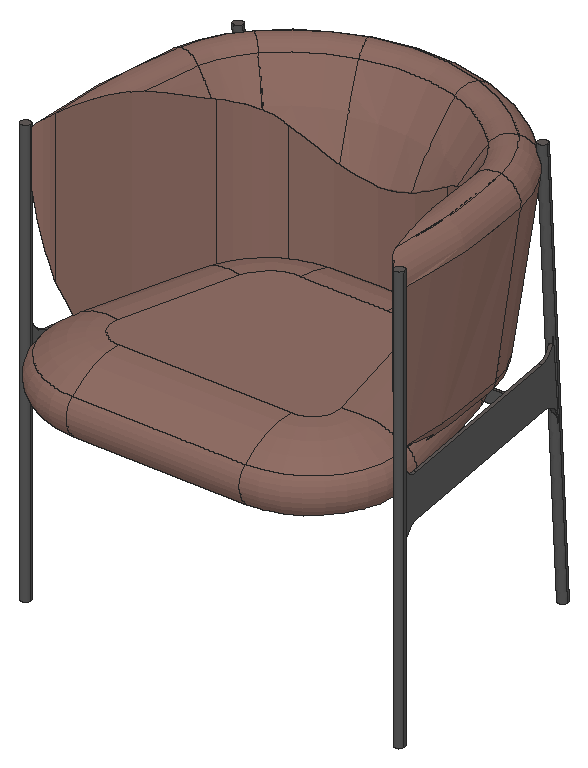
Revit family "revitupgrade", category Furniture, Revit 2025
Family settings
  OmniClass Number = 23.40.70.14.64.11
  OmniClass Title = Office Furniture
  Work Plane-Based = No
  Enable Cutting in Views = No
  Always vertical = Yes
  Cut with Voids When Loaded = No
  Render Appearance Source = Family Geometry
  Shared = No
  Room Calculation Point = No
Parameters (values of type "Chair")
  URL = "https://www.steelcase.com/asia-en/products/lounge-chairs/sepal-lounge-chair/"
  Seat [instance] = Wendelbo - Fabric - Red Cover
  Style Number(s) = "WBOSEPDC"
  Release Date = "February 2023"  # constant formula
  Manufacturer = "Wendelbo"  # constant formula
  Description = "Sepal is family of products that share an aesthetic and functional DNA. "  # constant formula
  Default Elevation = 0.00 mm
  Copyright = "© 2010 Steelcase Inc."  # constant formula
  Base [instance] = Wedelbo - Metal - Black Powder Coated
  Assembly Code = "E2020200"
Reference planes
  plane 1 "Center Front/Back": y = 0
  plane 2 "Bottom": z = 0
  plane 3 "Center Left/Right": x = 0
Forms (mm)
  Extrusion 1, solid, material "Wedelbo - Metal - Black Powder Coated" <- "Base"
    sketch origin (0, 0, 0) x (1, 0, 0) y (0, 1, 0)
      loop
        circle (-324.225, 131.095) r 8
    from 0 to 739.799
  Extrusion 2, solid, material "Wedelbo - Metal - Black Powder Coated" <- "Base"
    sketch origin (0, 0, 78.072) x (1, 0, 0) y (0, 0, 1)
      loop
        line (-308.275, 295.321) -> (-308.275, 253.659) -> (308.275, 253.659) -> (308.275, 295.321)
        arc (308.275, 295.321) -> (302.852, 282.228) -> (289.759, 276.805) r 18.516
        line (289.759, 276.805) -> (-289.759, 276.805)
        arc (-289.759, 276.805) -> (-302.852, 282.228) -> (-308.275, 295.321) r 18.516
    from -211.595 to -206.444
  Extrusion 3, solid, material "Wedelbo - Metal - Black Powder Coated" <- "Base"
    sketch origin (394.203, -137.006, 80) x (0.153066, 0.988216, 0) y (0, 0, -1)
      loop
        arc (197.92, -252.841) -> (171.915, -242.069) -> (161.144, -216.064) r 36.777
        line (161.144, -216.064) -> (161.144, -361.67)
        arc (161.144, -361.67) -> (171.915, -335.665) -> (197.92, -324.893) r 36.777
        line (197.92, -324.893) -> (538.381, -324.893)
        arc (538.381, -324.893) -> (559.241, -333.533) -> (567.881, -354.393) r 29.5
        line (567.881, -354.393) -> (580.056, -215.233)
        arc (580.056, -215.233) -> (569.041, -241.826) -> (542.448, -252.841) r 37.608
        line (542.448, -252.841) -> (197.92, -252.841)
    from 748.846 to 754.127
  Blend 4, solid, material "Wedelbo - Metal - Black Powder Coated" <- "Base"
    base sketch origin (381.787, -65.56, 0) x (-1, 0, 0) y (0, -1, 0)
      loop
        circle (629.387, -646.798) r 8
    top sketch origin (381.787, -65.56, 0) x (-1, 0, 0) y (0, -1, 0)
      loop
        circle (646.218, -582.088) r 8
    from 0 to 746.709
  Sweep 5, solid, material "Wendelbo - Fabric - Red Cover" <- "Seat"
    path origin (0, 0, 80) x (1, 0, 0) y (0, 1, 0)
      loop
        line (75.385, 532.079) -> (-75.385, 532.079)
        arc (-75.385, 532.079) -> (-184.685, 496.339) -> (-251.754, 402.929) r 185
        arc (-251.754, 402.929) -> (-281.928, 298.335) -> (-306.664, 192.322) r 2108.677
        arc (-306.664, 192.322) -> (-274.002, 58.935) -> (-149.963, 0) r 160
        line (-149.963, 0) -> (149.963, 0)
        arc (149.963, 0) -> (274.002, 58.935) -> (306.664, 192.322) r 160
        arc (306.664, 192.322) -> (281.928, 298.335) -> (251.754, 402.929) r 2108.677
        arc (251.754, 402.929) -> (184.685, 496.339) -> (75.385, 532.079) r 185
    profile origin (0, 532.079, 80) x (0, -1, 0) y (0, 0, 1)
      loop
        line (126.782, 275.841) -> (126.782, 382.939) -> (114.763, 382.939)
        arc (114.763, 382.939) -> (61.798, 373.47) -> (15.393, 346.238) r 152.878
        arc (15.393, 346.238) -> (3.87, 301.982) -> (41.393, 275.841) r 40
        line (41.393, 275.841) -> (126.782, 275.841)
  Extrusion 6, solid, material "Wedelbo - Metal - Black Powder Coated" <- "Base"
    sketch origin (0, 261.685, 78.906) x (1, 0, 0) y (0, 0, 1)
      loop
        line (-266.984, 276.805) -> (-266.984, 253.659) -> (266.984, 253.659) -> (266.984, 276.805) -> (-266.984, 276.805)
    from -227.58 to -222.58
  Extrusion 7, solid, material "Wedelbo - Metal - Black Powder Coated" <- "Base"
    sketch origin (0, 0, 0) x (-1, 0, 0) y (0, -1, 0)
      loop
        circle (-324.225, -131.095) r 8
    from 0 to 739.799
  Extrusion 8, solid, material "Wedelbo - Metal - Black Powder Coated" <- "Base"
    sketch origin (-394.203, -137.006, 80) x (-0.153066, 0.988216, 0) y (0, 0, 1)
      loop
        line (197.92, 252.841) -> (542.448, 252.841)
        arc (542.448, 252.841) -> (569.041, 241.826) -> (580.056, 215.233) r 37.608
        line (580.056, 215.233) -> (567.881, 354.393)
        arc (567.881, 354.393) -> (559.241, 333.533) -> (538.381, 324.893) r 29.5
        line (538.381, 324.893) -> (197.92, 324.893)
        arc (197.92, 324.893) -> (171.915, 335.665) -> (161.144, 361.67) r 36.777
        line (161.144, 361.67) -> (161.144, 216.064)
        arc (161.144, 216.064) -> (171.915, 242.069) -> (197.92, 252.841) r 36.777
    from 748.846 to 754.127
  Blend 9, solid, material "Wedelbo - Metal - Black Powder Coated" <- "Base"
    base sketch origin (-381.787, -65.56, 0) x (1, 0, 0) y (0, 1, 0)
      loop
        circle (629.387, 646.798) r 8
    top sketch origin (-381.787, -65.56, 0) x (1, 0, 0) y (0, 1, 0)
      loop
        circle (646.218, 582.088) r 8
    from 0 to 746.709
  Extrusion 10, solid, material "Wendelbo - Fabric - Red Cover" <- "Seat"
    sketch origin (0, 0, 0) x (1, 0, 0) y (0, 1, 0)
      loop
        arc (-182.495, 166.71) -> (-175.714, 139.018) -> (-149.963, 126.782) r 33.218
        line (-149.963, 126.782) -> (149.963, 126.782)
        arc (149.963, 126.782) -> (175.714, 139.018) -> (182.495, 166.71) r 33.218
        arc (182.495, 166.71) -> (159.247, 266.349) -> (130.887, 364.655) r 1981.895
        arc (130.887, 364.655) -> (109.781, 394.05) -> (75.385, 405.297) r 58.218
        line (75.385, 405.297) -> (-75.385, 405.297)
        arc (-75.385, 405.297) -> (-109.781, 394.05) -> (-130.887, 364.655) r 58.218
        arc (-130.887, 364.655) -> (-159.247, 266.349) -> (-182.495, 166.71) r 1981.895
    from 354.877 to 462.939
  Sweep 11, solid, material "Wendelbo - Fabric - Red Cover" <- "Seat"
    path origin (0, -150, 80) x (1, 0, 0) y (0, 1, 0)
      loop
        arc (-287.418, 90.725) -> (-323.397, 325.582) -> (-306.101, 562.548) r 1058.785
        arc (-306.101, 562.548) -> (-285.532, 623.092) -> (-248.801, 675.431) r 225.585
        arc (-248.801, 675.431) -> (-182.256, 730.349) -> (-104.067, 766.827) r 341.349
        arc (-104.067, 766.827) -> (0, 783.077) -> (104.067, 766.827) r 341.349
        arc (104.067, 766.827) -> (182.256, 730.349) -> (248.801, 675.431) r 341.349
        arc (248.801, 675.431) -> (285.532, 623.092) -> (306.101, 562.548) r 225.585
        arc (306.101, 562.548) -> (323.397, 325.582) -> (287.418, 90.725) r 1058.785
    profile origin (0, 633.077, 80) x (0, 1, 0) y (0, 0, 1)
      loop
        arc (3.836, 627.313) -> (-4.469, 654.018) -> (-26.454, 671.302) r 47.087
        arc (-26.454, 671.302) -> (-48.798, 672.188) -> (-67.117, 659.365) r 35
        arc (-67.117, 659.365) -> (-116.884, 578.893) -> (-153.002, 491.441) r 583.974
        arc (-153.002, 491.441) -> (-163.027, 432.711) -> (-156.252, 373.518) r 211.223
        arc (-156.252, 373.518) -> (-120.655, 326.102) -> (-62.028, 317.254) r 78.258
        arc (-62.028, 317.254) -> (-44.36, 327.769) -> (-35.645, 346.39) r 35
        line (-35.645, 346.39) -> (3.836, 627.313)
  Extrusion 12, void
    sketch origin (0, 0, 0) x (1, 0, 0) y (0, 1, 0)
      loop
        arc (-137.581, 467.051) -> (-180.925, 442.148) -> (-211.046, 402.254) r 125
        arc (-211.046, 402.254) -> (-260.187, 283.085) -> (-296.134, 159.295) r 1188.496
        arc (-296.134, 159.295) -> (-314.118, 132.675) -> (-345.283, 124.881) r 44.907
        line (-345.283, 124.881) -> (-345.283, -135.119) -> (345.283, -135.119) -> (345.283, 124.881)
        arc (345.283, 124.881) -> (314.118, 132.675) -> (296.134, 159.295) r 44.907
        arc (296.134, 159.295) -> (260.187, 283.085) -> (211.046, 402.254) r 1188.496
        arc (211.046, 402.254) -> (180.925, 442.148) -> (137.581, 467.051) r 125
        arc (137.581, 467.051) -> (0, 489.266) -> (-137.581, 467.051) r 437.142
      loop
        arc (-285.419, 492.481) -> (-271.706, 505.712) -> (-254.582, 514.072) r 61.07
        arc (-254.582, 514.072) -> (-252.372, 529.478) -> (-246.583, 543.926) r 65.397
        line (-246.583, 543.926) -> (-264.261, 561.604) -> (-309.401, 516.463) -> (-285.419, 492.481)
      loop
        line (285.419, 492.481) -> (309.401, 516.463) -> (264.261, 561.604) -> (246.583, 543.926)
        arc (246.583, 543.926) -> (252.372, 529.478) -> (254.582, 514.072) r 65.397
        arc (254.582, 514.072) -> (271.706, 505.712) -> (285.419, 492.481) r 61.07
    from 0 to 983.961
Cuts and joins
  joined: Sweep 5, Extrusion 10
  Extrusion 12 cuts Sweep 11
Lines and regions (mm)
  Masking region 1
    outline origin (0, 0, 0) x (1, 0, 0) y (0, 1, 0)
      loop
        arc (-105.236, 620.481) -> (-184.305, 583.593) -> (-251.598, 528.058) r 345.185
        arc (-251.598, 528.058) -> (-288.953, 474.828) -> (-309.872, 413.255) r 229.421
        arc (-309.872, 413.255) -> (-326.724, 270.796) -> (-324.235, 127.366) r 1062.621
        arc (-324.235, 127.366) -> (-306.165, 139.792) -> (-296.134, 159.295) r 44.907
        arc (-296.134, 159.295) -> (-260.187, 283.085) -> (-211.046, 402.254) r 1188.496
        arc (-211.046, 402.254) -> (-180.925, 442.148) -> (-137.581, 467.051) r 125
        arc (-137.581, 467.051) -> (0, 489.266) -> (137.581, 467.051) r 437.142
        arc (137.581, 467.051) -> (180.925, 442.148) -> (211.046, 402.254) r 125
        arc (211.046, 402.254) -> (260.187, 283.085) -> (296.134, 159.295) r 1188.496
        arc (296.134, 159.295) -> (306.165, 139.792) -> (324.235, 127.366) r 44.907
        arc (324.235, 127.366) -> (326.724, 270.796) -> (309.872, 413.255) r 1062.621
        arc (309.872, 413.255) -> (288.953, 474.828) -> (251.598, 528.058) r 229.421
        arc (251.598, 528.058) -> (184.305, 583.593) -> (105.236, 620.481) r 345.185
        arc (105.236, 620.481) -> (0, 636.914) -> (-105.236, 620.481) r 345.185
  Masking region 2
    outline origin (0, 0, 0) x (1, 0, 0) y (0, 1, 0)
      loop
        arc (-137.581, 467.051) -> (-180.925, 442.148) -> (-211.046, 402.254) r 125
        arc (-211.046, 402.254) -> (-260.187, 283.085) -> (-296.134, 159.295) r 1188.496
        arc (-296.134, 159.295) -> (-300.15, 148.52) -> (-306.771, 139.117) r 44.907
        arc (-306.771, 139.117) -> (-257.942, 40.041) -> (-155, 0) r 152.347
        line (-155, 0) -> (155, 0)
        arc (155, 0) -> (257.942, 40.041) -> (306.771, 139.117) r 152.347
        arc (306.771, 139.117) -> (300.15, 148.52) -> (296.134, 159.295) r 44.907
        arc (296.134, 159.295) -> (260.187, 283.085) -> (211.046, 402.254) r 1188.496
        arc (211.046, 402.254) -> (180.925, 442.148) -> (137.581, 467.051) r 125
        arc (137.581, 467.051) -> (0, 489.266) -> (-137.581, 467.051) r 437.142
Dimensions and locks
  aligned and locked: level to plane 2 "Bottom"
